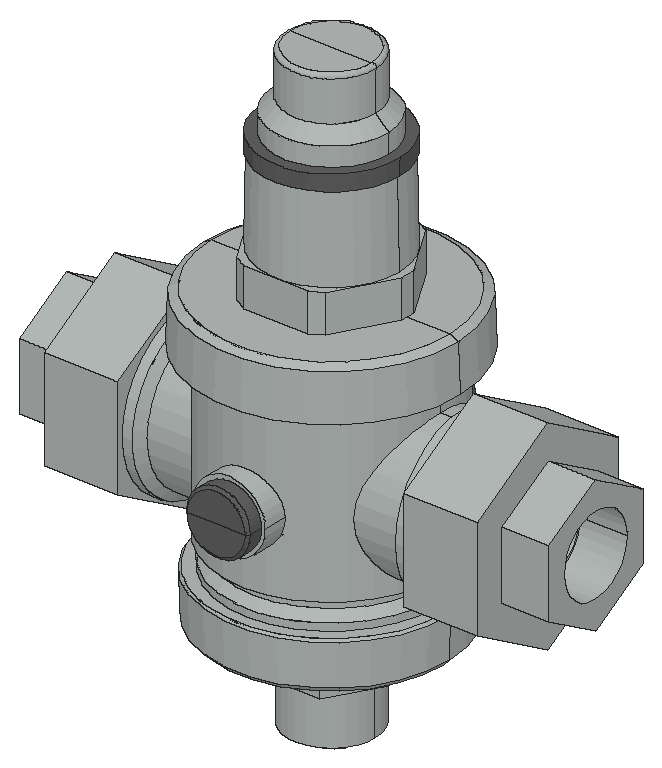
Revit family "HS00600000", category Apparecchi idraulici, Revit 2020
Family settings
  Quota connettore circolare = Usa diametro
  Tipo di parte = Normale
  Numero OmniClass = 23.45.00.00
  Titolo OmniClass = Sanitary, Laundry, and Cleaning Equipment
  Basato su piano di lavoro = No
  Sempre verticale = Sì
  Taglio con vuoti quando caricato = No
  Condiviso = No
  Punto di calcolo locali = No
Parameters
  URL = "https://web.cimberio.it/index.php/figura/1423?subcategoria_id=42"
  Temperatura di esercizio = "0 ÷ 80°C"
  Prospetto di default = 0 mm
  Produttore = "CIMBERIO SPA"
  Pressione nominale = "PN 25"
  Modello = "Cim 1460N"
  Materiale = "Prodotto in lega di ottone conforme alla norma EN 12165-CW617N-DW"
  Descrizione = "Utilizzato nei più svariati settori dell'impiantistica: reti di distribuzione acqua potabile, impianti di riscaldamento, condizionamento, igienico-sanitari e in generale con ogni fluido non corrosivo"
  DN Model [instance] = HS00601020 : HS00601020
  DN [instance] = 20 mm
  Commenti sul tipo = "Realizzato in ottemperanza ai requisiti gestionali della norma EN ISO 9001.\r\nCollaudato al 100% secondo la normativa EN 12266-1"
Reference planes
  plane 1 "Centro (Fronte/Retro)": y = 0
  plane 2: z = 0
  plane 3 "Centro (Sinistra/Destra)": x = 0
Dimensions and locks
  aligned and locked: level to plane 2
Nested families
  nested 1: "HS00601020" at (0, 0, 0), type <- "DN Model", type "HS00601020"
Connectors
  piping at (66.35, 0, 0), diameter 20, driven by "DN"
    settings: on nested 1, index 1, connector inside diameter 609.6 mm, connector length 0 mm, flow factor 0, pipe flow 0.0 L/s, pressure drop 0.0 Pa, fitting loss kfactor 0, connector angle 0.00°, fixture units 0, engagement length 0 mm, angle of deflection 0.00°, flow configuration 0, flow direction 0, fitting loss method 0, system type 7, joint type 0, gender type 0, connector reference index -1, connector utility 0, adjustable connector no, is connector primary yes, connector description ""
  piping at (-66.35, 0, 0), diameter 20, driven by "DN"
    settings: on nested 1, index 2, connector inside diameter 609.6 mm, connector length 0 mm, flow factor 0, pipe flow 0.0 L/s, pressure drop 0.0 Pa, fitting loss kfactor 0, connector angle 0.00°, fixture units 0, engagement length 0 mm, angle of deflection 0.00°, flow configuration 0, flow direction 0, fitting loss method 0, system type 7, joint type 0, gender type 0, connector reference index -1, connector utility 0, adjustable connector no, is connector primary no, connector description ""
Definition of nested family "HS00601020"
  Parameters (values of type "HS00601020")
    Default Elevation = 0 mm
  Reference planes
    plane 1 "Centro (Fronte/Retro)": y = 0
    plane 2: z = 0
    plane 3 "Centro (Sinistra/Destra)": x = 0
  Forms (mm)
    Revolve 1, solid
      sketch origin (0, 0, 0) x (1, 0, 0) y (0, 0, 1)
        loop
          line (0, 91) -> (-10.25, 91)
          arc (-10.25, 91) -> (-10.957, 90.707) -> (-11.25, 90) r 1
          line (-11.25, 90) -> (-11.25, 80) -> (-14.5, 76.75) -> (-14.5, 72) -> (0, 72) -> (0, 91)
        axis (0, 91) -> (0, 72)
      angle from 0 to 360
    Extrusion 2, solid
      sketch origin (0, 0, 0) x (1, 0, 0) y (0, 1, 0)
        loop
          circle (0, 0) r 17.25
      from 68 to 72
    Revolve 3, solid
      sketch origin (0, 0, 0) x (1, 0, 0) y (0, 0, 1)
        loop
          line (-17.25, 46.5) -> (0, 46.5) -> (0, 68) -> (-16.75, 68) -> (-17.25, 46.5)
        axis (0, 68) -> (0, 46.5)
      angle from 0 to 360
    Extrusion 4, solid
      sketch origin (0, 0, 0) x (1, 0, 0) y (0, 1, 0)
        loop
          arc (-8.02, 17.5) -> (-9.625, 16.671) -> (-11.146, 15.695) r 19.25
          line (-11.146, 15.695) -> (-19.165, 1.805)
          arc (-19.165, 1.805) -> (-19.25, 0) -> (-19.165, -1.805) r 19.25
          line (-19.165, -1.805) -> (-11.146, -15.695)
          arc (-11.146, -15.695) -> (-9.625, -16.671) -> (-8.02, -17.5) r 19.25
          line (-8.02, -17.5) -> (8.02, -17.5)
          arc (8.02, -17.5) -> (9.625, -16.671) -> (11.146, -15.695) r 19.25
          line (11.146, -15.695) -> (19.165, -1.805)
          arc (19.165, -1.805) -> (19.25, 0) -> (19.165, 1.805) r 19.25
          line (19.165, 1.805) -> (11.146, 15.695)
          arc (11.146, 15.695) -> (9.625, 16.671) -> (8.02, 17.5) r 19.25
          line (8.02, 17.5) -> (-8.02, 17.5)
      from 37 to 46.5
    Revolve 5, solid
      sketch origin (0, 0, 0) x (1, 0, 0) y (0, 0, 1)
        loop
          line (-10, 37) -> (-30, 37) -> (-32, 35.845) -> (-32.5, 24.25) -> (-31.567, 24) -> (-27.854, 24)
          arc (-27.854, 24) -> (-27.625, 23.518) -> (-27.5, 23) r 2.583
          line (-27.5, 23) -> (-27.5, -18.5) -> (-24.481, -18.5) -> (-24.481, -21.5) -> (-26.602, -23.621) -> (-26.602, -25.5) -> (-10, -25.5) -> (-10, 37)
        axis (0, 37) -> (0, -25.5)
      angle from 0 to 360
    Revolve 6, solid
      sketch origin (0, 0, 0) x (1, 0, 0) y (0, 0, 1)
        loop
          line (-10, -25.5) -> (-29.5, -25.5) -> (-29.996, -26.159) -> (-29.75, -36.5) -> (-28.25, -38) -> (-10, -38) -> (-10, -25.5)
        axis (0, -25.5) -> (0, -38)
      angle from 0 to 360
    Extrusion 7, solid
      sketch origin (0, 0, 0) x (1, 0, 0) y (0, 1, 0)
        loop
          line (14.5, 0) -> (7.25, 12.557) -> (-7.25, 12.557) -> (-14.5, 0) -> (-7.25, -12.557) -> (7.25, -12.557) -> (14.5, 0)
      from -47.5 to -38
    Revolve 8, solid
      sketch origin (0, 0, 0) x (1, 0, 0) y (0, 0, 1)
        loop
          line (-11, -60.567) -> (-10.25, -61) -> (0, -61) -> (0, -47.5) -> (-11, -47.5) -> (-11, -60.567)
        axis (0, -47.5) -> (0, -61)
      angle from 0 to 360
    Revolve 9, solid
      sketch origin (0, 0, 0) x (1, 0, 0) y (0, 0, 1)
        loop
          line (-31.557, 18.5) -> (-33, 20.999) -> (-35.85, 20.999) -> (-35.85, 10) -> (-13.387, 10) -> (-13.387, 18.5) -> (-31.557, 18.5)
        axis (-35.85, 0) -> (-13.387, 0)
      angle from 0 to 360
    Revolve 10, solid
      sketch origin (0, 0, 0) x (-1, 0, 0) y (0, 0, 1)
        loop
          line (-31.557, 18.5) -> (-33, 20.999) -> (-35.85, 20.999) -> (-35.85, 10) -> (-15.785, 10) -> (-15.785, 18.5) -> (-31.557, 18.5)
        axis (-35.85, 0) -> (-15.785, 0)
      angle from 0 to 360
    Extrusion 11, solid
      sketch origin (0, 0, 0) x (0, 1, 0) y (0, 0, 1)
        loop
          circle (0, 0) r 10
        loop
          line (0, 25.5) -> (-22.084, 12.75) -> (-22.084, -12.75) -> (0, -25.5) -> (22.084, -12.75) -> (22.084, 12.75) -> (0, 25.5)
      from -54.35 to -35.85
    Extrusion 12, solid
      sketch origin (0, 0, 0) x (0, 1, 0) y (0, 0, 1)
        loop
          circle (0, 0) r 10
        loop
          line (0, 17) -> (-14.722, 8.5) -> (-14.722, -8.5) -> (0, -17) -> (14.722, -8.5) -> (14.722, 8.5) -> (0, 17)
      from -66.35 to -54.35
    Extrusion 13, solid
      sketch origin (0, 0, 0) x (0, 1, 0) y (0, 0, -1)
        loop
          circle (0, 0) r 10
        loop
          line (0, -25.5) -> (22.084, -12.75) -> (22.084, 12.75) -> (0, 25.5) -> (-22.084, 12.75) -> (-22.084, -12.75) -> (0, -25.5)
      from -54.35 to -35.85
    Extrusion 14, solid
      sketch origin (0, 0, 0) x (0, 1, 0) y (0, 0, -1)
        loop
          circle (0, 0) r 10
        loop
          line (0, -17) -> (14.722, -8.5) -> (14.722, 8.5) -> (0, 17) -> (-14.722, 8.5) -> (-14.722, -8.5) -> (0, -17)
      from -66.35 to -54.35
    Extrusion 15, solid
      sketch origin (0, 0, 0) x (1, 0, 0) y (0, 0, 1)
        loop
          circle (0, -0.5) r 9
        loop
          circle (0, -0.5) r 7.25
      from -32 to 32.002
    Revolve 16, solid
      sketch origin (0, 0, -0.547) x (1, 0, 0) y (0, 1, 0)
        loop
          line (0, -36) -> (0, -32.002) -> (-7.991, -32.002) -> (-7.991, -35.259) -> (-7.25, -36) -> (0, -36)
        axis (0, -32.002) -> (0, -36)
      angle from 0 to 360
    Revolve 17, solid
      sketch origin (0, 0, -0.547) x (1, 0, 0) y (0, 1, 0)
        loop
          line (0, 36) -> (-7.25, 36) -> (-7.991, 35.259) -> (-7.991, 32.002) -> (0, 32.002) -> (0, 36)
        axis (0, 32.002) -> (0, 36)
      angle from 0 to 360
  Dimensions and locks
    aligned and locked: level to plane 2
